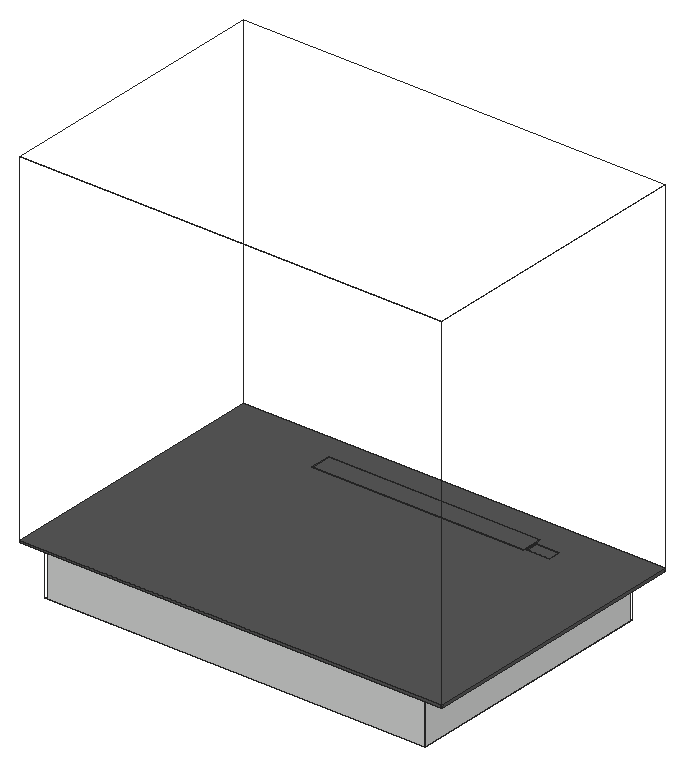
Revit family "CI804ZDTB5-AA-SG-SEA", category Specialty Equipment, Revit 2020
Family settings
  Round Connector Dimension = Use Diameter
  Part Type = Normal
  Work Plane-Based = Yes
  Always vertical = No
  Cut with Voids When Loaded = Yes
  Shared = No
  Room Calculation Point = No
Parameters (values of type "CI804ZDTB5")
  URL = "www.fisherpaykel.com"
  Product - Width = 798.47 mm
  Product - Height = 90 mm
  Product - Depth = 528.473 mm
  Model = "CI804ZDTB5"
  Material - Cooktop = Fisher & Paykel - Glass, Black
  Manufacturer = "Fisher & Paykel Appliances"
  Description = "80cm Series 7 Induction cooktop"
  Default Elevation = 0 mm
  Clearance - Overhead Rangehood = 650 mm
  Clearance - Below Cooktop = 86 mm
  Cavity - Width = 720 mm
  Cavity - Height = 2260.449 mm
  Cavity - Depth = 490 mm
Reference planes
  plane 1 "Center (Front/Back)": y = 0
  plane 2: z = 0
  plane 3 "Center (Left/Right)": x = 0
  plane 4 "Product - LHS": x = -399.235
  plane 5 "Product - RHS": x = 399.235
  plane 6 "Cavity - RHS": x = 360
  plane 7 "Cavity - LHS": x = -360
  plane 8 "Product - Depth": y = 528.473
  plane 9 "Cavity - Depth": y = 500
  plane 10 "Product - Height": z = 4
  plane 11 "Cavity - Height": z = -86
  plane 12: y = 10
  plane 13: z = 654
Forms (mm)
  Extrusion 1, solid, not visible
    sketch origin (-149.236, 268.236, 0) x (0, 1, 0) y (1, 0, 0)
      loop
        line (-528.472, 298.472) -> (-528.472, 0) -> (0, 0) -> (0, 298.472) -> (-528.472, 298.472)
    from 0 to -4
  Extrusion 2, solid, not visible
    sketch origin (-149.236, 268.236, 4) x (0, 1, 0) y (-1, 0, 0)
      loop
        line (-86.236, -44.236) -> (-86.236, -229.236) -> (-46.236, -229.236) -> (-46.236, -44.236) -> (-86.236, -44.236)
      loop
        line (-60.236, -234.236) -> (-82.236, -234.236) -> (-82.236, -276.236) -> (-60.236, -276.236) -> (-60.236, -234.236)
    from 0 to -2.95
  Extrusion 3, solid, material "Fisher & Paykel - Glass, Black" <- "Material - Cooktop"
    sketch origin (0, 0, 0) x (1, 0, 0) y (0, 1, 0)
      loop
        line (-399.235, 526.981) -> (-399.235, 1.491)
        arc (-399.235, 1.491) -> (-398.803, 0.427) -> (-397.738, 0) r 1.468
        line (-397.738, 0) -> (397.739, 0)
        arc (397.739, 0) -> (398.804, 0.428) -> (399.235, 1.491) r 1.468
        line (399.235, 1.491) -> (399.235, 526.981)
        arc (399.235, 526.981) -> (398.803, 528.045) -> (397.738, 528.473) r 1.468
        line (397.738, 528.473) -> (-397.74, 528.473)
        arc (-397.74, 528.473) -> (-398.804, 528.044) -> (-399.235, 526.981) r 1.468
      loop
        line (-200, 481.472) -> (-200, 441.472) -> (200, 441.472) -> (200, 481.472) -> (-200, 481.472)
      loop
        line (204, 467.472) -> (204, 445.472) -> (246, 445.472) -> (246, 467.472) -> (204, 467.472)
    from 0 to 4
  Extrusion 4, solid, material "Fisher & Paykel - Clearance Required"
    sketch origin (0, 0, 0) x (1, 0, 0) y (0, 1, 0)
      loop
        line (-360, 500) -> (-360, 10) -> (360, 10) -> (360, 500) -> (-360, 500)
    from 0 to -86
  Extrusion 5, void
    sketch origin (0, 0, 0) x (1, 0, 0) y (0, 1, 0)
      loop
        line (-360, 500) -> (-360, 10) -> (360, 10) -> (360, 500) -> (-360, 500)
    from 0 to -86
  Extrusion 6, solid, material "Fisher & Paykel - Glass, Black" <- "Material - Cooktop"
    sketch origin (-149.236, 528.472, 4) x (0, 1, 0) y (-1, 0, 0)
      loop
        line (-87, 50.764) -> (-87, -349.236) -> (-47, -349.236) -> (-47, 50.764) -> (-87, 50.764)
      loop
        line (-61, -353.236) -> (-83, -353.236) -> (-83, -395.236) -> (-61, -395.236) -> (-61, -353.236)
    from -4 to 0
  Extrusion 7, solid, material "Fisher & Paykel - Steel Galvanized"
    sketch origin (0, 0, 0) x (1, 0, 0) y (0, 1, 0)
      loop
        line (-357.5, 497.5) -> (-357.5, 12.5) -> (357.5, 12.5) -> (357.5, 497.5) -> (-357.5, 497.5)
    from -86 to 0
  Extrusion 8, solid, material "Fisher & Paykel - Clearance Required"
    sketch origin (0, 0, 0) x (1, 0, 0) y (0, 1, 0)
      loop
        line (-399.235, 528.473) -> (-399.235, 0) -> (399.235, 0) -> (399.235, 528.473) -> (-399.235, 528.473)
    from 0 to 654
Dimensions and locks
  "Product - Width": plane 4 "Product - LHS" to plane 5 "Product - RHS"
  equal spacing: plane 4 "Product - LHS", plane 3 "Center (Left/Right)", plane 5 "Product - RHS"
  "Cavity - Width": plane 7 "Cavity - LHS" to plane 6 "Cavity - RHS"
  "Product - Depth": plane 8 "Product - Depth" to plane 1 "Center (Front/Back)"
  equal spacing: plane 7 "Cavity - LHS", plane 3 "Center (Left/Right)", plane 6 "Cavity - RHS"
  "Cavity - Depth": plane 9 "Cavity - Depth" to plane 12
  "Clearance - Below Cooktop": plane 2 to plane 11 "Cavity - Height"
  "Product - Height": plane 10 "Product - Height" to plane 11 "Cavity - Height"
  "Clearance - Overhead Rangehood": plane 13 to plane 10 "Product - Height"
  aligned and locked: level to plane 2
  aligned and locked: Extrusion 4 sketch curve to plane 7 "Cavity - LHS"
  aligned and locked: Extrusion 4 sketch curve to plane 9 "Cavity - Depth"
  aligned and locked: Extrusion 4 sketch curve to plane 6 "Cavity - RHS"
  aligned and locked: Extrusion 4 sketch curve to plane 12
  aligned and locked: Extrusion 5 to plane 11 "Cavity - Height"
  aligned and locked: Extrusion 4 to plane 11 "Cavity - Height"
  aligned and locked: Extrusion 3 to Extrusion 6  (x2)
  aligned and locked: Extrusion 7 to plane 11 "Cavity - Height"
  aligned and locked: level to Extrusion 7
  aligned and locked: Extrusion 8 sketch curve to plane 4 "Product - LHS"
  aligned and locked: Extrusion 8 sketch curve to plane 8 "Product - Depth"
  aligned and locked: Extrusion 8 sketch curve to plane 5 "Product - RHS"
  aligned and locked: Extrusion 8 sketch curve to plane 1 "Center (Front/Back)"
  aligned and locked: plane 13 to Extrusion 8
Automatic sketch dimensions
  Extrusion 2 sketch curve to Extrusion 1 = 86.236 mm
  Extrusion 2 sketch curve to Extrusion 2 sketch curve = 40 mm
  Extrusion 2 sketch curve to Extrusion 1 = 69.236 mm
  Extrusion 2 sketch curve to Extrusion 1 = 44.236 mm
  Extrusion 2 sketch curve to Extrusion 2 sketch curve = 4 mm
  Extrusion 2 sketch curve to Extrusion 2 sketch curve = 14 mm
  Extrusion 2 sketch curve to Extrusion 2 sketch curve = 5 mm
  Extrusion 2 sketch curve to Extrusion 1 = 22.236 mm
  Extrusion 1 sketch curve to Extrusion 1 sketch curve = 0 mm  (x3)
  Extrusion 1 sketch curve to Extrusion 1 sketch curve = 528.472 mm
  Extrusion 1 sketch curve to Extrusion 1 sketch curve = 298.472 mm  (x2)
  Extrusion 3 sketch curve to plane 4 "Product - LHS" = 0 mm
  plane 4 "Product - LHS" to Extrusion 3 sketch curve = 0 mm
  plane 4 "Product - LHS" to Extrusion 3 sketch curve = 1.468 mm  (x2)
  Extrusion 3 sketch curve to plane 8 "Product - Depth" = 0 mm
  Extrusion 3 sketch curve to Extrusion 3 sketch curve = 0.028 mm
  plane 1 "Center (Front/Back)" to Extrusion 3 sketch curve = 0 mm  (x2)
  Extrusion 3 sketch curve to Extrusion 3 sketch curve = 0.029 mm
  Extrusion 3 sketch curve to plane 9 "Cavity - Depth" = 18.528 mm
  plane 7 "Cavity - LHS" to Extrusion 3 sketch curve = 160 mm
  Extrusion 3 sketch curve to plane 6 "Cavity - RHS" = 160 mm
  Extrusion 3 sketch curve to Extrusion 3 sketch curve = 4 mm  (x2)
  Extrusion 3 sketch curve to Extrusion 3 sketch curve = 42 mm
  plane 8 "Product - Depth" to Extrusion 3 sketch curve = 0 mm
  Extrusion 3 sketch curve to plane 5 "Product - RHS" = 1.497 mm
  Extrusion 3 sketch curve to plane 5 "Product - RHS" = 1.495 mm
  Extrusion 3 sketch curve to plane 5 "Product - RHS" = 1.468 mm  (x2)
  Extrusion 3 sketch curve to plane 5 "Product - RHS" = 0 mm
  plane 5 "Product - RHS" to Extrusion 3 sketch curve = 0 mm
  Extrusion 3 sketch curve to plane 1 "Center (Front/Back)" = 1.467 mm  (x2)
  Extrusion 3 sketch curve to Extrusion 3 sketch curve = 40 mm
  Extrusion 3 sketch curve to Extrusion 3 sketch curve = 22 mm
  Extrusion 3 sketch curve to plane 8 "Product - Depth" = 1.491 mm  (x2)
  Extrusion 5 sketch curve to plane 12 = 0 mm
  Extrusion 5 sketch curve to plane 9 "Cavity - Depth" = 0 mm
  plane 4 "Product - LHS" to Extrusion 5 sketch curve = 39.235 mm
  plane 3 "Center (Left/Right)" to Extrusion 5 sketch curve = 360 mm
  Extrusion 6 sketch curve to plane 9 "Cavity - Depth" = 58.528 mm
  Extrusion 6 sketch curve to plane 9 "Cavity - Depth" = 18.528 mm
  Extrusion 6 sketch curve to plane 6 "Cavity - RHS" = 160 mm
  plane 7 "Cavity - LHS" to Extrusion 6 sketch curve = 160 mm
  Extrusion 6 sketch curve to Extrusion 6 sketch curve = 4 mm  (x2)
  Extrusion 6 sketch curve to Extrusion 6 sketch curve = 14 mm
  Extrusion 6 sketch curve to Extrusion 6 sketch curve = 42 mm
  Extrusion 7 sketch curve to plane 9 "Cavity - Depth" = 2.5 mm
  plane 7 "Cavity - LHS" to Extrusion 7 sketch curve = 2.5 mm
  plane 12 to Extrusion 7 sketch curve = 2.5 mm
  Extrusion 7 sketch curve to plane 6 "Cavity - RHS" = 2.5 mm
